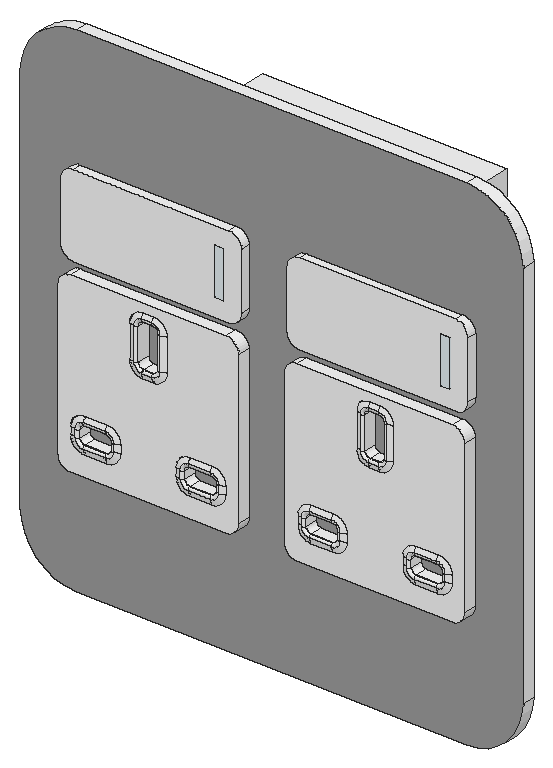
Revit family "EF_Veti-4x4-2-13Amp-Plug-Point", category Electrical Fixtures, Revit 2016
Family settings
  Maintain Annotation Orientation = No
  Part Type = Normal
  Round Connector Dimension = Use Diameter
  Work Plane-Based = No
  Always vertical = Yes
  Cut with Voids When Loaded = No
  Shared = No
  Room Calculation Point = No
Parameters (values of type "13AMP Plug Point")
  Voltage_x = 220 V
  URL for TCP = "http://www.tcpbim.co.za"
  URL = "http://www.major-tech.com/15-veti"
  Type Comments = "Plug Points"
  Switch Voltage = Voltage_x  # 220 V
  Plug Point Height [instance] = 1200 mm
  Materials [instance] = 0 mm
  Manufacturer = "VETI"
  Made by = "Tolani Civil Projects cc"
  Load = 2860 VA
  Description = "4x4 2 13Amp Plug Point"
  Amperage = 13 A
Reference planes
  plane 1 "Center (Front/Back)": y = 0
  plane 2: z = 0
  plane 3 "Center (Left/Right)": x = 0
Forms (mm)
  Extrusion 1, solid, material "Plastic White"
    sketch origin (-181.105, 75, 0) x (1, 0, 0) y (0, 0, 1)
      loop
        arc (103.605, 1400) -> (87.695, 1393.41) -> (81.105, 1377.5) r 22.5
        line (81.105, 1377.5) -> (81.105, 1222.5)
        arc (81.105, 1222.5) -> (87.695, 1206.59) -> (103.605, 1200) r 22.5
        line (103.605, 1200) -> (258.605, 1200)
        arc (258.605, 1200) -> (274.515, 1206.59) -> (281.105, 1222.5) r 22.5
        line (281.105, 1222.5) -> (281.105, 1377.5)
        arc (281.105, 1377.5) -> (274.515, 1393.41) -> (258.605, 1400) r 22.5
        line (258.605, 1400) -> (103.605, 1400)
    from 75 to 80
  Extrusion 2, solid, material "Plastic White"
    sketch origin (-166.105, 0, 0) x (-1, 0, 0) y (0, 0, 1)
      loop
        line (-214.439, 1370) -> (-214.439, 1360) -> (-117.772, 1360) -> (-117.772, 1370) -> (-214.439, 1370)
    from 0 to 51.204
Cuts and joins
  joined: Extrusion 1, Extrusion 2
Dimensions and locks
  Extrusion 1 sketch curve to Extrusion 1 sketch curve = 200 mm
  Extrusion 2 sketch curve to Extrusion 2 sketch curve to Extrusion 1 = 10 mm, 30 mm
  Extrusion 2 sketch curve to Extrusion 2 sketch curve = 96.667 mm
  cut or joined group of Extrusion 1, Extrusion 2 to cut or joined group of Extrusion 1, Extrusion 2 = 200 mm
  cut or joined group of Extrusion 1, Extrusion 2 to cut or joined group of Extrusion 1, Extrusion 2 to cut or joined group of Extrusion 1, Extrusion 2 to cut or joined group of Extrusion 1, Extrusion 2 = 30 mm locked, 10 mm locked, 160 mm locked
  cut or joined group of Extrusion 1, Extrusion 2 to cut or joined group of Extrusion 1, Extrusion 2 to cut or joined group of Extrusion 1, Extrusion 2 = 51.204 mm locked, 5 mm locked
  cut or joined group of Extrusion 1, Extrusion 2 to cut or joined group of Extrusion 1, Extrusion 2 = 96.667 mm
  locked: cut or joined group of Extrusion 1, Extrusion 2 to plane 1 "Center (Front/Back)"
  plane 3 "Center (Left/Right)" to Extrusion 1 sketch curve = 100 mm
  locked: plane 3 "Center (Left/Right)" to cut or joined group of Extrusion 1, Extrusion 2 at 48.333
  cut or joined group of Extrusion 1, Extrusion 2 to nested 4 to nested 3 to nested 5 to nested 2 to cut or joined group of Extrusion 1, Extrusion 2 = 47.509 mm locked, 32.776 mm locked, 4.203 mm locked, 70.13 mm locked, 45.381 mm locked
  nested 5 to nested 3 to plane 3 "Center (Left/Right)" to nested 4 to nested 2 = 71.855 mm locked, 9.087 mm locked, 8.942 mm locked, 71.851 mm locked
  "Plug Point Height": cut or joined group of Extrusion 1, Extrusion 2 to level
  aligned and locked: level to plane 2
  aligned and locked: nested 1 to plane 1 "Center (Front/Back)"
  aligned and locked: cut or joined group of Extrusion 1, Extrusion 2 to nested 3
  aligned and locked: cut or joined group of Extrusion 1, Extrusion 2 to nested 5
  aligned and locked: cut or joined group of Extrusion 1, Extrusion 2 to nested 4
  aligned and locked: cut or joined group of Extrusion 1, Extrusion 2 to nested 2
Automatic sketch dimensions
  Extrusion 1 sketch curve to plane 3 "Center (Left/Right)" = 77.5 mm
  plane 3 "Center (Left/Right)" to Extrusion 1 sketch curve = 77.5 mm  (x2)
  level to Extrusion 1 sketch curve = 1200 mm
  Extrusion 1 sketch curve to Extrusion 1 sketch curve = 22.5 mm  (x2)
  Extrusion 2 sketch curve to Extrusion 1 = 51.667 mm  (x2)
Nested families
  nested 1: "Power Point Test 1" at (0, 0, 0) x (-1, 0, 0) z (0, 0, 1), type "Receptacle Symbol"
  nested 2: "Plug Plate Euro" at (44.926, -5, 200.052), type "Plug Plate Euro"
  nested 3: "Switch" at (-45.074, -5, 200.052), type "Switch"
  nested 4: "Switch" at (44.93, -5, 200.052), type "Switch"
  nested 5: "Plug Plate Euro" at (-45.074, -5, 200.052), type "Plug Plate Euro"
Connectors
  electrical at (0, 25.602, 1370), driven by "Voltage_x", driven by "Load"
    settings: on cut or joined group of Extrusion 1, Extrusion 2, index 2, voltage 220 V, apparent load 0 VA, apparent load phase1 2860 VA, apparent load phase2 0 VA, apparent load phase3 0 VA, power factor 1, load classification "Other", number of poles 1, system type 31, power factor state 1, is connector primary yes, connector utility no, sub classification motor no, connector description ""
  electrical at (0, 25.602, 1370), driven by "Voltage_x", driven by "Load"
    settings: on cut or joined group of Extrusion 1, Extrusion 2, index 3, voltage 220 V, apparent load 0 VA, apparent load phase1 2860 VA, apparent load phase2 0 VA, apparent load phase3 0 VA, power factor 1, load classification "Other", number of poles 1, system type 31, power factor state 1, is connector primary no, connector utility no, sub classification motor no, connector description ""
Definition of nested family "Plug Plate Euro"
  Reference planes
    plane 1 "Center (Front/Back)": y = 0
    plane 2: z = 0
    plane 3 "Center (Left/Right)": x = 0
    plane 4 "Left": x = -20.897
    plane 5 "Right": x = 20.867
    plane 6: z = 1060.329
    plane 7: z = 1100.459
    plane 8: x = 0
    plane 9: z = 1100.459
    plane 10: x = 20.867
    plane 11: x = -20.897
    plane 12: z = 1060.329
    plane 13: x = -35.867
    plane 14: x = 35.867
    plane 15 "Front Face": y = -5
  Forms (mm)
    Extrusion 1, solid
      sketch origin (38.868, 0, -0.675) x (1, 0, 0) y (0, 0, 1)
        loop
          arc (-69.734, 1116.134) -> (-73.27, 1114.67) -> (-74.734, 1111.134) r 5
          line (-74.734, 1111.134) -> (-74.734, 1051.004)
          arc (-74.734, 1051.004) -> (-73.27, 1047.468) -> (-69.734, 1046.004) r 5
          line (-69.734, 1046.004) -> (-8.001, 1046.004)
          arc (-8.001, 1046.004) -> (-4.465, 1047.468) -> (-3.001, 1051.004) r 5
          line (-3.001, 1051.004) -> (-3.001, 1111.134)
          arc (-3.001, 1111.134) -> (-4.465, 1114.67) -> (-8.001, 1116.134) r 5
          line (-8.001, 1116.134) -> (-69.734, 1116.134)
        loop
          arc (-40.868, 1109.586) -> (-42.282, 1109) -> (-42.868, 1107.586) r 2
          line (-42.868, 1107.586) -> (-42.868, 1094.634)
          arc (-42.868, 1094.634) -> (-42.282, 1093.22) -> (-40.868, 1092.634) r 2
          line (-40.868, 1092.634) -> (-36.868, 1092.634)
          arc (-36.868, 1092.634) -> (-35.453, 1093.22) -> (-34.868, 1094.634) r 2
          line (-34.868, 1094.634) -> (-34.868, 1107.586)
          arc (-34.868, 1107.586) -> (-35.453, 1109) -> (-36.868, 1109.586) r 2
          line (-36.868, 1109.586) -> (-40.868, 1109.586)
        loop
          arc (-24.432, 1059.504) -> (-23.846, 1058.09) -> (-22.432, 1057.504) r 2
          line (-22.432, 1057.504) -> (-13.601, 1057.504)
          arc (-13.601, 1057.504) -> (-12.187, 1058.09) -> (-11.601, 1059.504) r 2
          line (-11.601, 1059.504) -> (-11.601, 1062.504)
          arc (-11.601, 1062.504) -> (-12.187, 1063.918) -> (-13.601, 1064.504) r 2
          line (-13.601, 1064.504) -> (-22.432, 1064.504)
          arc (-22.432, 1064.504) -> (-23.846, 1063.918) -> (-24.432, 1062.504) r 2
          line (-24.432, 1062.504) -> (-24.432, 1059.504)
        loop
          arc (-66.196, 1059.504) -> (-65.61, 1058.09) -> (-64.196, 1057.504) r 2
          line (-64.196, 1057.504) -> (-55.364, 1057.504)
          arc (-55.364, 1057.504) -> (-53.95, 1058.09) -> (-53.364, 1059.504) r 2
          line (-53.364, 1059.504) -> (-53.364, 1062.504)
          arc (-53.364, 1062.504) -> (-53.95, 1063.918) -> (-55.364, 1064.504) r 2
          line (-55.364, 1064.504) -> (-64.196, 1064.504)
          arc (-64.196, 1064.504) -> (-65.61, 1063.918) -> (-66.196, 1062.504) r 2
          line (-66.196, 1062.504) -> (-66.196, 1059.504)
      from 5 to 0
    Sweep 2, solid
      path origin (-95, -5, 0) x (-1, 0, 0) y (0, 0, 1)
        loop
          line (-99, 1106.911) -> (-99, 1093.959)
          arc (-99, 1093.959) -> (-98.414, 1092.545) -> (-97, 1091.959) r 2
          line (-97, 1091.959) -> (-93, 1091.959)
          arc (-93, 1091.959) -> (-91.586, 1092.545) -> (-91, 1093.959) r 2
          line (-91, 1093.959) -> (-91, 1106.911)
          arc (-91, 1106.911) -> (-91.586, 1108.325) -> (-93, 1108.911) r 2
          line (-93, 1108.911) -> (-97, 1108.911)
          arc (-97, 1108.911) -> (-98.414, 1108.325) -> (-99, 1106.911) r 2
      profile origin (0, -5, 1108.911) x (0, 0, -1) y (0, 1, 0)
        loop
          arc (-1.234, -0.593) -> (-0.505, -0.531) -> (-0.003, 0) r 1.027
          line (-0.003, 0) -> (-3.304, 0) -> (-1.234, -0.593)
    Sweep 3, solid
      path origin (-66.647, -5, -41.968) x (-1, 0, 0) y (0, 0, 1)
        loop
          line (-93.914, 1103.796) -> (-93.914, 1100.796)
          arc (-93.914, 1100.796) -> (-93.328, 1099.382) -> (-91.914, 1098.796) r 2
          line (-91.914, 1098.796) -> (-83.083, 1098.796)
          arc (-83.083, 1098.796) -> (-81.668, 1099.382) -> (-81.083, 1100.796) r 2
          line (-81.083, 1100.796) -> (-81.083, 1103.796)
          arc (-81.083, 1103.796) -> (-81.668, 1105.211) -> (-83.083, 1105.796) r 2
          line (-83.083, 1105.796) -> (-91.914, 1105.796)
          arc (-91.914, 1105.796) -> (-93.328, 1105.211) -> (-93.914, 1103.796) r 2
      profile origin (20.851, -5, 1063.829) x (0, 0, -1) y (0, 1, 0)
        loop
          arc (-1.234, -0.625) -> (-0.49, -0.556) -> (0.01, 0) r 1.027
          line (0.01, 0) -> (-3.415, 0) -> (-1.234, -0.625)
    Sweep 4, solid
      path origin (-108.411, -5, -41.968) x (-1, 0, 0) y (0, 0, 1)
        loop
          line (-93.914, 1103.796) -> (-93.914, 1100.796)
          arc (-93.914, 1100.796) -> (-93.328, 1099.382) -> (-91.914, 1098.796) r 2
          line (-91.914, 1098.796) -> (-83.083, 1098.796)
          arc (-83.083, 1098.796) -> (-81.668, 1099.382) -> (-81.083, 1100.796) r 2
          line (-81.083, 1100.796) -> (-81.083, 1103.796)
          arc (-81.083, 1103.796) -> (-81.668, 1105.211) -> (-83.083, 1105.796) r 2
          line (-83.083, 1105.796) -> (-91.914, 1105.796)
          arc (-91.914, 1105.796) -> (-93.328, 1105.211) -> (-93.914, 1103.796) r 2
      profile origin (-20.913, -5, 1063.829) x (0, 0, -1) y (0, 1, 0)
        loop
          arc (-1.234, -0.625) -> (-0.49, -0.556) -> (0.01, 0) r 1.027
          line (0.01, 0) -> (-3.415, 0) -> (-1.234, -0.625)
  Dimensions and locks
    aligned and locked: plane 2 to level
Definition of nested family "Switch"
  Reference planes
    plane 1 "Center (Front/Back)": y = 0
    plane 2: z = 0
    plane 3 "Center (Left/Right)": x = 0
  Forms (mm)
    Extrusion 1, solid
      sketch origin (-1.754, 2.672, -0.197) x (1, 0, 0) y (0, 0, 1)
        loop
          arc (-29.234, 1152.636) -> (-32.77, 1151.171) -> (-34.234, 1147.636) r 5
          line (-34.234, 1147.636) -> (-34.234, 1124.86)
          arc (-34.234, 1124.86) -> (-32.77, 1121.324) -> (-29.234, 1119.86) r 5
          line (-29.234, 1119.86) -> (32.741, 1119.86)
          arc (32.741, 1119.86) -> (36.277, 1121.324) -> (37.741, 1124.86) r 5
          line (37.741, 1124.86) -> (37.741, 1147.636)
          arc (37.741, 1147.636) -> (36.277, 1151.171) -> (32.741, 1152.636) r 5
          line (32.741, 1152.636) -> (-29.234, 1152.636)
      from 6.186 to 2.672
    Extrusion 2, solid
      sketch origin (0, 0, 0) x (1, 0, 0) y (0, 0, 1)
        loop
          line (28.988, 1145.439) -> (25.488, 1145.439) -> (25.488, 1126.663) -> (28.988, 1126.663) -> (28.988, 1145.439)
      from 0 to 3.974
  Dimensions and locks
    aligned and locked: plane 2 to level
    aligned and locked: Extrusion 1 to plane 1 "Center (Front/Back)"
Definition of nested family "Power Point Test 1"
  Parameters
    Plug Point Height = 1200 mm
  Reference planes
    plane 1: y = 0
    plane 2: x = 0
  Lines and regions (mm)
    Filled region 1, type "Filled region 1"
      outline origin (0, 0, 0) x (1, 0, 0) y (0, 1, 0)
        loop
          arc (1.505, 0.736) -> (1.065, 1.797) -> (0.005, 2.236) r 1.5
          line (0.005, 2.236) -> (0.005, 0.736) -> (1.505, 0.736)
    detail lines
      curve 1: line (-0.442, -0.034, 0) -> (-0.442, 0.736, 0)
      curve 2: arc (1.505, 0.736, 0) -> (0.005, 2.236, 0) -> (-1.495, 0.736, 0) r 1.5
      curve 3: line (0.451, -0.034, 0) -> (0.451, 0.736, 0)
      curve 4: line (-1.495, 0.736, 0) -> (1.505, 0.736, 0)
      curve 5: line (0.005, 2.236, 0) -> (0.005, 0.736, 0)
      curve 6: line (-1.056, 1.797, 0) -> (-2.122, 2.863, 0)
      curve 7: line (-2.122, 2.863, 0) -> (-1.419, 3.566, 0)
      curve 8: line (-1.743, 2.484, 0) -> (-1.04, 3.186, 0)
  Text (mm)
    label "A" at (-0.392, 3.565, 0), shows "Plug Point Height"
    text "D" at (-0.802, 1.969, 0)
    text "13Amp" at (2.719, 2.594, 0)
  Dimensions and locks
    curve 1 to curve 3 = 0.893 mm
